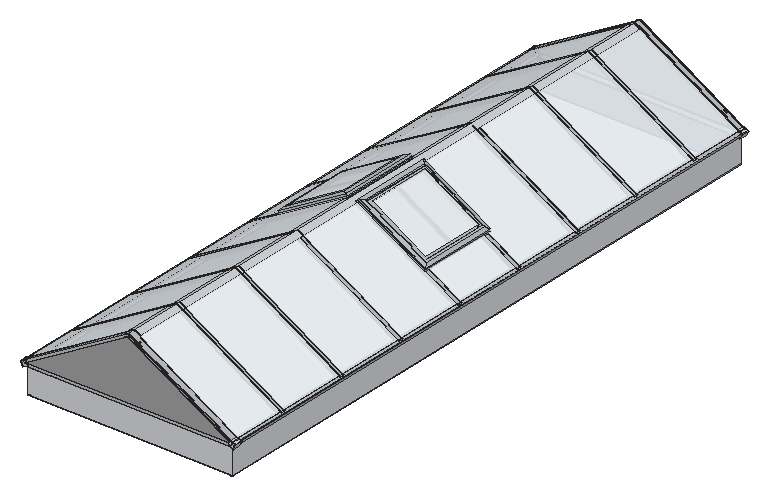
Revit family "Ленточный двухскатный зенитный фонарь M8CITY_Д_ВЕНТ-1_ств_2017", category Оборудование, Revit 2017
Family settings
  Основа = Крыша
  Размер круглого соединителя = Использовать диаметр
  Тип детали = Нормальный
  Всегда вертикально = Нет
  При загрузке вырезать с полостями = Нет
  Общий = Нет
  Точка расчета площади = Нет
Parameters (values of type "Зенитный фонарь M8CITY Л-Д-ВЕНТ-1 створка")
  Электронный адрес Отдела продаж [instance] = "info@m8city.by"  # constant formula
  Ширина проёма ввод = 2800 mm
  Ширина проёма = ADSK_Размер_Ширина  # 2800 mm
  Ширина = ADSK_Размер_Ширина  # 2800 mm
  Шаг типовой = 1060 mm  # constant formula
  Угол наклона к горизонту ном = if(Угол наклона к горизонту < 30.00°, 30.00°, if(Угол наклона к горизонту > 45.00°, 45.00°, Угол наклона к горизонту))  # 30.00°
  Угол наклона к горизонту = 30.00°
  Типовой растр = if((Длина - 971 mm) / 2 < 1260 mm, (Длина - 971 mm) / 2, 1060 mm)  # 1060 mm
  Телефон [instance] = "+375 17 388 44 42, +7 495 946 99 02"  # constant formula
  Description = ""
  Manufacturer = ""
  Заполнение = 1
  Длина створки ном = if(Длина створки < 1000 mm, 1000 mm, if(Длина створки > 1600 mm, 1600 mm, Длина створки))  # 1000 mm
  Длина створки = 1000 mm
  Длина проёма ввод = 9000 mm
  Длина проёма = ADSK_Размер_Длина  # 9000 mm
  Длина = ADSK_Размер_Длина  # 9000 mm
  Высота основания = 400 mm
  Высота = ADSK_Размер_Высота + 73 mm  # 473 mm
  Видимость створки двойной = and(Вид створки < 3, or(Вид створки = 2))  # yes
  Вид створки = 2
  Бренд [instance] = ""
  URL = "www.m8city.by"
  Table 2 = "Маркировка"  # constant formula
  Table 1 = "Описание"  # constant formula
  N ферм = roundup(if((Длина - 971 mm) / 2 mm / 1060 < 2, 2, (Длина - 971 mm) / 2 mm / 1060))  # 4
  ADSK_Размер_Ширина = if(Ширина проёма ввод < 1200 mm, 1200 mm, if(Ширина проёма ввод > 3500 mm, 3500 mm, Ширина проёма ввод))  # 2800 mm
  ADSK_Размер_Длина = if(Длина проёма ввод < 1500 mm, 1500 mm, Длина проёма ввод)  # 9000 mm
  ADSK_Размер_Высота = if(Высота основания < 300 mm, 300 mm, if(Высота основания > 800 mm, 800 mm, Высота основания))  # 400 mm
  ADSK_Обозначение = "M8CITY"  # constant formula
  ADSK_Наименование [instance] = size_lookup(Table 1, "", "Не определено", ADSK_Размер_Ширина, ADSK_Размер_Длина, ADSK_Размер_Высота, Заполнение, Длина створки ном, Вид створки)  # "Зенитный фонарь M8CITY двухскатный 2.8 х 9.0 м основание 400 мм заполнение стеклопакет однокамерный 1.30 мм со створками вентиляции 1.0х1.0 м 2 шт."
  ADSK_Марка [instance] = size_lookup(Table 2, "", "Не определено", ADSK_Размер_Ширина, ADSK_Размер_Длина, ADSK_Размер_Высота, Заполнение, Длина створки ном, Вид створки)  # "M8CITY-ФЗА-Л.Д-АСт-2.8-9.0-0.4-2С.УД.Э-1.0-1.0-СП.1.30-ТУ BY 191302027.002-2013"
  ADSK_Количество = 1
  ADSK_Код изделия = "ТУ BY 191302027.002-2013"  # constant formula
  ADSK_Завод-изготовитель = "ООО ''Завод М8 Сити''"  # constant formula
Reference planes
  plane 1 "По центру (Вперед/Назад)": y = 0
  plane 2 "Крыша": z = 4000
  plane 3 "По центру (Влево/Вправо)": x = 0
  plane 4: x = -1400
  plane 5: x = 1400
  plane 6: y = 4500
  plane 7: y = -4500
  plane 8: z = 4152.4
  plane 9: z = 4552.4
  plane 10: z = 4625.4
  plane 11: z = 4959.4
  plane 12: x = -1255
  plane 13: y = -2611.5
  plane 14: x = 1255
  plane 15: x = 1315
  plane 16: y = 4544.5
  plane 17: y = 4586.5
  plane 18: y = 1590
  plane 19: y = -530
  plane 20: y = -1590
  plane 21: y = 4608.8
  plane 22: y = -4544.5
  plane 23: y = -4610
  plane 24: y = 530
Forms (mm)
  Sweep 1, solid, material "Сталь", detail levels medium+fine
    path origin (0, 0, 4000) x (1, 0, 0) y (0, 1, 0)
      loop
        line (-1400, 4500) -> (-1400, -4500) -> (1400, -4500) -> (1400, 4500) -> (-1400, 4500)
    profile origin (0, 4500, 4000) x (0, 1, 0) y (0, 0, 1)
      loop
        line (0, 152.4) -> (80, 152.4) -> (80, 153.9) -> (1.5, 153.9) -> (1.5, 550.9) -> (63.5, 550.9) -> (63.5, 532.4) -> (65, 532.4) -> (65, 552.4) -> (0, 552.4) -> (0, 152.4)
  Sweep 2, solid
    path origin (0, 0, 4000) x (1, 0, 0) y (0, 1, 0)
      loop
        line (-1400, 4500) -> (-1400, -4500) -> (1400, -4500) -> (1400, 4500) -> (-1400, 4500)
    profile origin (0, 4500, 4000) x (0, 1, 0) y (0, 0, 1)
      loop
        line (80, 552.4) -> (0, 552.4) -> (0, 152.4) -> (80, 152.4) -> (80, 552.4)
Lines and regions (mm)
  Opening 1
    outline origin (0, 0, 4152.4) x (0, 1, 0) y (-1, 0, 0)
      loop
        line (4500, 1400) -> (-4500, 1400) -> (-4500, -1400) -> (4500, -1400) -> (4500, 1400)
Dimensions and locks
  equal spacing: host sketch curve, plane 3 "По центру (Влево/Вправо)", host sketch curve
  equal spacing: host sketch curve, plane 1 "По центру (Вперед/Назад)", host sketch curve
  equal spacing: plane 4, plane 3 "По центру (Влево/Вправо)", plane 5
  equal spacing: plane 6, plane 1 "По центру (Вперед/Назад)", plane 7
  "Ширина проёма": plane 4 to plane 5
  "Длина проёма": plane 6 to plane 7
  "Высота основания": plane 9 to plane 8
  "Высота": plane 10 to host roof
  plane 10 to plane 9 = 73 mm
  locked: plane 16 to plane 6 at 44.5
  locked: plane 17 to plane 6 at 86.5
  locked: plane 21 to plane 17 at 22.3
  plane 7 to plane 22 = 44.5 mm
  locked: plane 7 to plane 23 at 110
  locked: nested 2 to nested 10 at 1.7
  locked: nested 12 to plane 21 at 0.5
  equal spacing: plane 24, plane 1 "По центру (Вперед/Назад)", plane 19
  "Шаг типовой": plane 24 to plane 19
  equal spacing: group 1, group 2, group 3, group 7  (x3)
  "Типовой растр": plane 18 to plane 24
  equal spacing: group 4, group 5, group 6, group 8  (x2)
  equal spacing: group 8, group 6, group 5, group 4
  "Типовой растр": plane 19 to plane 20
  aligned and locked: level to plane 2 "Крыша"
  aligned and locked: host roof to plane 8
  aligned and locked: Opening 1 sketch curve to plane 6
  aligned and locked: Opening 1 sketch curve to plane 5
  aligned and locked: Opening 1 sketch curve to plane 7
  aligned and locked: Opening 1 sketch curve to plane 4
  aligned and locked: Sweep 1 sketch curve to plane 6
  aligned and locked: Sweep 1 sketch curve to plane 5
  aligned and locked: Sweep 1 sketch curve to plane 7
  aligned and locked: Sweep 1 sketch curve to plane 4
  aligned and locked: Sweep 1 to plane 8
  aligned and locked: Sweep 1 to plane 9
  aligned and locked: plane 3 "По центру (Влево/Вправо)" to nested 1
  aligned and locked: plane 6 to nested 1
  aligned and locked: plane 3 "По центру (Влево/Вправо)" to nested 2
  aligned and locked: plane 7 to nested 2
  aligned and locked: plane 5 to nested 3
  aligned and locked: nested 3 to plane 9
  aligned and locked: nested 4 to plane 1 "По центру (Вперед/Назад)"
  aligned and locked: nested 4 to plane 3 "По центру (Влево/Вправо)"
  aligned and locked: plane 9 to nested 4
  aligned and locked: plane 17 to nested 3
  aligned and locked: plane 3 "По центру (Влево/Вправо)" to nested 5
  aligned and locked: plane 3 "По центру (Влево/Вправо)" to nested 7
  aligned and locked: nested 7 to plane 16
  aligned and locked: nested 8 to plane 9
  aligned and locked: plane 9 to nested 7
  aligned and locked: nested 9 to plane 3 "По центру (Влево/Вправо)"
  aligned and locked: plane 1 "По центру (Вперед/Назад)" to nested 9
  aligned and locked: plane 9 to nested 9
  aligned and locked: plane 3 "По центру (Влево/Вправо)" to nested 10
  aligned and locked: plane 3 "По центру (Влево/Вправо)" to nested 8
  aligned and locked: nested 8 to plane 22
  aligned and locked: Sweep 2 sketch curve to plane 6
  aligned and locked: Sweep 2 sketch curve to plane 4
  aligned and locked: Sweep 2 sketch curve to plane 5
  aligned and locked: Sweep 2 sketch curve to plane 7
  aligned and locked: Sweep 2 sketch curve to plane 9
  aligned and locked: nested 11 to plane 3 "По центру (Влево/Вправо)"
  aligned and locked: plane 1 "По центру (Вперед/Назад)" to nested 11
  aligned and locked: plane 9 to nested 11
  aligned and locked: nested 10 to plane 9
  aligned and locked: plane 9 to nested 12
  aligned and locked: plane 9 to nested 2
  aligned and locked: nested 1 to plane 9
  aligned and locked: nested 13 to plane 3 "По центру (Влево/Вправо)"
  aligned and locked: plane 1 "По центру (Вперед/Назад)" to nested 13
  aligned and locked: plane 9 to nested 13
  aligned and locked: plane 9 to nested 5
  aligned and locked: nested 5 to plane 24
  aligned and locked: nested 6 to plane 19
  aligned and locked: nested 15 to plane 18
  aligned and locked: nested 17 to plane 20
  aligned and locked: plane 3 "По центру (Влево/Вправо)" to nested 14
  aligned and locked: plane 9 to nested 14
  aligned and locked: plane 9 to nested 18
  aligned and locked: plane 9 to nested 6
  aligned and locked: plane 9 to nested 16
  aligned and locked: plane 1 "По центру (Вперед/Назад)" to nested 14
  aligned and locked: nested 19 to plane 1 "По центру (Вперед/Назад)"
  aligned and locked: nested 19 to plane 3 "По центру (Влево/Вправо)"
  aligned and locked: plane 9 to nested 19
Automatic sketch dimensions
  Sweep 1 sketch curve to profile plane = 0 mm
  Sweep 1 sketch curve to profile plane = 1.5 mm
  Sweep 1 sketch curve to profile plane = 63.5 mm
  Sweep 1 sketch curve to Sweep 1 sketch curve = 1.5 mm  (x3)
  Sweep 1 sketch curve to Sweep 1 sketch curve = 78.5 mm
  level to Sweep 1 sketch curve = 152.4 mm
  Sweep 1 sketch curve to Sweep 1 sketch curve = 378.5 mm
  Sweep 1 sketch curve to Sweep 1 sketch curve = 18.5 mm
  Sweep 2 sketch curve to profile plane = 0 mm
  Sweep 2 sketch curve to profile plane = 80 mm
  level to Sweep 2 sketch curve = 152.4 mm
Nested families
  nested 1: "УПТ" at (0, 3466.539, 4557.3), type "УПТ", detail levels medium+fine
    with Ширина проёма 2800 mm
  nested 2: "УПТ" at (0, -3466.539, 4557.3), type "УПТ", detail levels medium+fine
    with Ширина проёма 2800 mm
  nested 3: "УПП" at (0, 0, 4633.976), type "УПП", detail levels medium+fine
    with Ширина проёма 2800 mm, Длина проема 9000 mm
  nested 4: "УПП" at (0, 0, 4633.976) x (-1, 0, 0) z (0, 0, 1), type "УПП", detail levels medium+fine
    with Ширина проёма 2800 mm, Длина проема 9000 mm
  nested 5: "Рядовой ПН и УПП" at (0, 530, 4637.4), type "Рядовой ПН и УПП", detail levels medium+fine
    with Ширина проёма 2800 mm
  nested 6: "Рядовой ПН и УПП" at (0, -530, 4637.4), type "Рядовой ПН и УПП", detail levels medium+fine
    with Ширина проёма 2800 mm
  nested 7: "Торцевой ПН и УТП" at (0, 4544.5, 4652.4), type "Торцевой ПН и УТП", detail levels medium+fine
    with Ширина проёма 2800 mm
  nested 8: "Торцевой ПН и УТП" at (0, -4544.5, 4652.4), type "Торцевой ПН и УТП", detail levels medium+fine
    with Ширина проёма 2800 mm
  nested 9: "ПК рядовой" at (0, 0, 4652.4), type "ПК рядовой", detail levels medium+fine
    with Ширина проёма 2800 mm, Длина проёма 9000 mm
  nested 10: "ПК торцевой" at (0, -4599.7, 4627.4), type "ПК торцевой", detail levels medium+fine
  nested 11: "ПК низкая детализация" at (0, 0, 4652.4), type "ПК низкая детализация", detail levels coarse
    with Ширина проёма 2800 mm, Длина проёма 9000 mm
  nested 12: "ПК торцевой" at (0, 4598.3, 4627.4), type "ПК торцевой", detail levels medium+fine
  nested 13: "Конёк" at (0, 0, 4652.4), type "Конёк", detail levels medium+fine
    with Ширина проёма 2800 mm, Длина проёма 9000 mm
  nested 14: "Створка Д" at (60, 0, 4637.4), type "Створка Д"
  nested 15: "Рядовой ПН и УПП" at (0, 1590, 4637.4), type "Рядовой ПН и УПП", detail levels medium+fine
    with Ширина проёма 2800 mm
  nested 16: "Рядовой ПН и УПП" at (0, 2650, 4637.4), type "Рядовой ПН и УПП", detail levels medium+fine
    with Ширина проёма 2800 mm
  nested 17: "Рядовой ПН и УПП" at (0, -1590, 4637.4), type "Рядовой ПН и УПП", detail levels medium+fine
    with Ширина проёма 2800 mm
  nested 18: "Рядовой ПН и УПП" at (0, -2650, 4637.4), type "Рядовой ПН и УПП", detail levels medium+fine
    with Ширина проёма 2800 mm
  nested 19: "Створка Д-2" at (-50, 0, 4637.4) x (-1, 0, 0) z (0, 0, 1), visible <- "Видимость створки двойной", type "Створка Д-2"
  nested 20: "Рядовой ПН и УПП" at (0, 3710, 4637.4), type "Рядовой ПН и УПП", detail levels medium+fine
    with Ширина проёма 2800 mm
  nested 21: "Рядовой ПН и УПП" at (0, -3710, 4637.4), type "Рядовой ПН и УПП", detail levels medium+fine
    with Ширина проёма 2800 mm
Definition of nested family "УПТ"
  Parameters (values of type "УПТ")
    Ширина проёма = 3500 mm
    Длина = 2066.922 mm
  Reference planes
    plane 1 "По центру (Вперед/Назад)": y = 0
    plane 2: z = 0
    plane 3 "По центру (Влево/Вправо)": x = 0
    plane 4: y = 1033.461
    plane 5: x = 1750
    plane 6: y = -1033.461
    plane 7: x = -1750
    plane 8: x = -1870
    plane 9: x = 1870
  Forms (mm)
    Sweep 1, solid, detail levels medium+fine
      path origin (0, 0, 0) x (1, 0, 0) y (0, 1, 0)
        loop
          line (-1870, 1033.461) -> (1870, 1033.461)
      profile origin (0, 1033.461, 0) x (0, 1, 0) y (0, 0, 1)
        loop
          line (0, 0) -> (0, -4.9) -> (86.5, -4.9) -> (86.5, -9.7) -> (111.5, -9.7) -> (111.5, 21.5) -> (110, 21.5) -> (110, -8.2) -> (88, -8.2) -> (88, 1.2) -> (0, 1.2) -> (0, 0)
    Extrusion 2, void
      sketch origin (0, 0, 0) x (1, 0, 0) y (0, 1, 0)
        loop
          line (-1870, 1121.461) -> (-1870, 1033.461) -> (-1750, 1033.461) -> (-1750, 1121.461) -> (-1870, 1121.461)
      from -4.9 to 1.601
    Extrusion 3, void
      sketch origin (0, 0, 0) x (-1, 0, 0) y (0, -1, 0)
        loop
          line (-1870, -1121.461) -> (-1750, -1121.461) -> (-1750, -1033.461) -> (-1870, -1033.461) -> (-1870, -1121.461)
      from -4.9 to 1.601
  Cuts and joins
    Extrusion 2, Extrusion 3 cuts Sweep 1
  Dimensions and locks
    equal spacing: plane 7, plane 3 "По центру (Влево/Вправо)", plane 5
    "Ширина проёма": plane 7 to plane 5
    equal spacing: plane 4, plane 1 "По центру (Вперед/Назад)", plane 6
    "Длина": plane 4 to plane 6
    locked: plane 8 to plane 7 at 120
    locked: plane 5 to plane 9 at 120
    aligned and locked: level to plane 2
    aligned and locked: Sweep 1 sketch curve to plane 4
    aligned and locked: Extrusion 2 sketch curve to Sweep 1  (x3)
    aligned and locked: Extrusion 2 sketch curve to plane 7
    aligned and locked: Extrusion 2 to Sweep 1
    aligned and locked: cut or joined group of Sweep 1, Extrusion 2, Extrusion 3 to plane 5
    aligned and locked: plane 9 to cut or joined group of Sweep 1, Extrusion 2, Extrusion 3
    aligned and locked: cut or joined group of Sweep 1, Extrusion 2, Extrusion 3 to plane 4
    aligned and locked: cut or joined group of Sweep 1, Extrusion 2, Extrusion 3 to cut or joined group of Sweep 1, Extrusion 2, Extrusion 3
  Automatic sketch dimensions
    Sweep 1 sketch curve to plane 8 = 0 mm
    Sweep 1 sketch curve to plane 9 = 0 mm
    Sweep 1 sketch curve to level = 0 mm
    Sweep 1 sketch curve to profile plane = 0 mm
    Sweep 1 sketch curve to level = 9.7 mm
    Sweep 1 sketch curve to profile plane = 86.5 mm
    level to Sweep 1 sketch curve = 1.2 mm
    Sweep 1 sketch curve to Sweep 1 sketch curve = 1.5 mm  (x2)
    Sweep 1 sketch curve to level = 8.2 mm
    Sweep 1 sketch curve to Sweep 1 sketch curve = 22 mm
    Sweep 1 sketch curve to Sweep 1 sketch curve = 3.3 mm
    level to Sweep 1 sketch curve = 21.5 mm
    Extrusion 3 sketch curve to plane 4 = 0 mm
    plane 9 to Extrusion 3 sketch curve = 0 mm
    Extrusion 3 sketch curve to plane 5 = 0 mm
    Extrusion 3 sketch curve to Extrusion 3 sketch curve = 88 mm
Definition of nested family "УПП"
  Parameters (values of type "УПП")
    Ширина проёма = 2066.922 mm
    Default Elevation = 1219.2 mm
    Длина проема = 1895.571 mm
  Reference planes
    plane 1 "По центру (Вперед/Назад)": y = 0
    plane 2: z = -81.576
    plane 3 "По центру (Влево/Вправо)": x = 0
    plane 4: y = 947.785
    plane 5: y = -947.785
    plane 6: x = -1033.461
    plane 7: x = 1033.461
    plane 8: y = 1034.285
    plane 9: y = -1034.285
    plane 10: x = 1053.461
  Forms (mm)
    Sweep 1, solid, detail levels medium+fine
      path origin (-20, 0, -81.576) x (1, 0, 0) y (0, 1, 0)
        loop
          line (1053.461, 1034.285) -> (1053.461, -1034.285)
      profile origin (1033.461, 0, -81.576) x (1, 0, 0) y (0, 0, 1)
        loop
          line (0, 0) -> (76.429, 0)
          arc (76.429, 0) -> (78.138, -3.453) -> (81.745, -2.099) r 2.873
          line (81.745, -2.099) -> (116.557, -6.373) -> (142.309, 36.485) -> (103.736, 59.662) -> (102.964, 58.376) -> (140.251, 35.972) -> (127.375, 14.543) -> (90.088, 36.947) -> (89.315, 35.661) -> (126.602, 13.257) -> (115.763, -4.782) -> (82.151, -0.655)
          arc (82.151, -0.655) -> (80.243, 2.019) -> (77, 1.5) r 3.117
          line (77, 1.5) -> (0, 1.5) -> (0, 0)
  Dimensions and locks
    equal spacing: plane 6, plane 3 "По центру (Влево/Вправо)", plane 7
    "Ширина проёма": plane 6 to plane 7
    equal spacing: plane 4, plane 1 "По центру (Вперед/Назад)", plane 5
    "Длина проема": plane 4 to plane 5
    locked: plane 8 to plane 4 at 86.5
    locked: plane 5 to plane 9 at 86.5
    locked: plane 7 to plane 10 at 20
    aligned and locked: level to plane 2
    aligned and locked: plane 9 to Sweep 1 sketch curve
    aligned and locked: plane 8 to Sweep 1 sketch curve
    aligned and locked: Sweep 1 to plane 7
  Automatic sketch dimensions
    profile plane to Sweep 1 sketch curve = 0 mm
    Sweep 1 sketch curve to level = 0 mm
    level to Sweep 1 sketch curve = 1.5 mm
    Sweep 1 sketch curve to profile plane = 77 mm
    Sweep 1 sketch curve to level = 0.857 mm
    Sweep 1 sketch curve to Sweep 1 sketch curve = 2.04 mm
    Sweep 1 sketch curve to Sweep 1 sketch curve = 0.153 mm
    Sweep 1 sketch curve to level = 2.099 mm
    Sweep 1 sketch curve to Sweep 1 sketch curve = 2.552 mm
    Sweep 1 sketch curve to level = 0.655 mm
    level to Sweep 1 sketch curve = 35.661 mm
    Sweep 1 sketch curve to Sweep 1 sketch curve = 12.315 mm
    level to Sweep 1 sketch curve = 36.947 mm
    Sweep 1 sketch curve to Sweep 1 sketch curve = 0.773 mm  (x2)
    Sweep 1 sketch curve to Sweep 1 sketch curve = 12.876 mm
    level to Sweep 1 sketch curve = 59.662 mm
    Sweep 1 sketch curve to level = 4.782 mm
    Sweep 1 sketch curve to Sweep 1 sketch curve = 33.613 mm
    Sweep 1 sketch curve to level = 6.373 mm
    Sweep 1 sketch curve to Sweep 1 sketch curve = 0.794 mm
    level to Sweep 1 sketch curve = 14.543 mm
    Sweep 1 sketch curve to Sweep 1 sketch curve = 0.076 mm
    Sweep 1 sketch curve to plane 7 = 0 mm
Definition of nested family "Рядовой ПН и УПП"
  Parameters (values of type "Рядовой ПН и УПП")
    Ширина проёма = 1500 mm
    Угол наклона = 30.00°
    Толщина заполения = 26 mm
  Reference planes
    plane 1 "По центру (Вперед/Назад)": y = 0
    plane 2: z = -85
    plane 3 "По центру (Влево/Вправо)": x = 0
    plane 4: x = -750
    plane 5: x = 750
    plane 6: z = -60
    plane 7: x = -845
    plane 8: x = 845
    plane 9: y = 15
    plane 10: y = -15
    plane 11: y = 939.592
    plane 12: y = -1221.134
  Forms (mm)
    Sweep 1, solid, detail levels medium+fine
      path origin (0, 0, 0) x (1, 0, 0) y (0, 0, 1)
        loop
          line (-845, -60) -> (0, 427.861) -> (845, -60)
      profile origin (-422.5, 0, 183.93) x (-0.5, 0, 0.866025) y (0, -1, 0)
        loop
          line (0, 0) -> (0, 37) -> (-6.4, 37) -> (-6.4, 35.5) -> (-1.4, 35.5) -> (-1.4, 28.9) -> (-18.1, 28.9) -> (-18.1, 0) -> (-18.1, -28.9) -> (-1.4, -28.9) -> (-1.4, -35.5) -> (-6.4, -35.5) -> (-6.4, -37) -> (0, -37) -> (0, 0)
    Sweep 2, solid, detail levels medium+fine
      path origin (0, 0, 0) x (1, 0, 0) y (0, 0, 1)
        loop
          line (-858, -37.483) -> (0, 457.883) -> (858, -37.483)
      profile origin (429, 0, 210.2) x (0.5, 0, 0.866025) y (0, -1, 0)
        loop
          line (8.5, 0) -> (8.5, -24) -> (0.3, -24) -> (0.3, -34) -> (7.77, -34)
          arc (7.77, -34) -> (9.347, -33.347) -> (10, -31.77) r 2.23
          line (10, -31.77) -> (10, 32.373)
          arc (10, 32.373) -> (9.349, 33.701) -> (7.9, 34) r 1.68
          line (7.9, 34) -> (-0.3, 34) -> (-0.3, 24) -> (8.5, 24) -> (8.5, 0)
  Lines and regions (mm)
    reference lines
      curve 1: line (845, 0, -60) -> (858, 0, -37.483)
      curve 2: line (-845, 0, -60) -> (-858, 0, -37.483)
      curve 3: line (-845, 0, -60) -> (0, 0, 427.861)
      curve 4: line (0, 0, 427.861) -> (-13, 0, 450.378)
      curve 5: line (-13, 0, 450.378) -> (-858, 0, -37.483)
      curve 6: line (845, 0, -60) -> (0, 0, 427.861)
      curve 7: line (0, 0, 427.861) -> (13, 0, 450.378)
      curve 8: line (13, 0, 450.378) -> (858, 0, -37.483)
  Dimensions and locks
    equal spacing: plane 4, plane 3 "По центру (Влево/Вправо)", plane 5
    "Ширина проёма": plane 4 to plane 5
    locked: plane 4 to plane 7 at 95
    locked: plane 8 to plane 5 at 95
    plane 6 to plane 2 = 25 mm
    "Толщина заполения": curve 5 to curve 3
    curve 5 to curve 3 = 26 mm
    "Толщина заполения": curve 8 to curve 6
    curve 8 to curve 6 = 26 mm
    locked: curve 5 to curve 2 (angle 90.00°)
    "Угол наклона": angle plane 6 to curve 3
    locked: curve 4 to curve 3 (angle 90.00°)
    angle curve 1 to curve 8 = 90.00°
    "Угол наклона": angle curve 6 to plane 6
    locked: curve 6 to curve 7 (angle 90.00°)
    aligned and locked: plane 6 to curve 2
    aligned and locked: plane 7 to curve 2
    aligned and locked: plane 3 "По центру (Влево/Вправо)" to curve 3
    aligned and locked: plane 8 to curve 1
    aligned and locked: Sweep 2 sketch curve to curve 8
    aligned and locked: Sweep 2 sketch curve to curve 5
    aligned and locked: plane 3 "По центру (Влево/Вправо)" to Sweep 2 sketch curve
    aligned and locked: Sweep 1 sketch curve to curve 3
    aligned and locked: curve 6 to Sweep 1 sketch curve
    aligned and locked: curve 1 to Sweep 2 sketch curve
    aligned and locked: curve 2 to Sweep 2 sketch curve
  Automatic sketch dimensions
    plane 1 "По центру (Вперед/Назад)" to Sweep 1 sketch curve = 0 mm  (x2)
    Sweep 1 sketch curve to profile plane = 0 mm
    profile plane to Sweep 1 sketch curve = 1.4 mm  (x2)
    Sweep 1 sketch curve to Sweep 1 sketch curve = 5 mm  (x2)
    Sweep 1 sketch curve to Sweep 1 sketch curve = 11.7 mm
    Sweep 1 sketch curve to plane 1 "По центру (Вперед/Назад)" = 28.9 mm
    Sweep 1 sketch curve to Sweep 1 sketch curve = 6.6 mm  (x2)
    Sweep 1 sketch curve to Sweep 1 sketch curve = 1.5 mm  (x2)
    Sweep 1 sketch curve to Sweep 1 sketch curve = 28.9 mm
    profile plane to Sweep 2 sketch curve = 0.3 mm
    Sweep 2 sketch curve to profile plane = 0.3 mm
    Sweep 2 sketch curve to Sweep 2 sketch curve = 7.47 mm
    Sweep 2 sketch curve to Sweep 2 sketch curve = 2.23 mm
    Sweep 2 sketch curve to plane 1 "По центру (Вперед/Назад)" = 24 mm
    Sweep 2 sketch curve to Sweep 2 sketch curve = 7.77 mm
    plane 1 "По центру (Вперед/Назад)" to Sweep 2 sketch curve = 24 mm
    Sweep 2 sketch curve to Sweep 2 sketch curve = 8.373 mm
    Sweep 2 sketch curve to Sweep 2 sketch curve = 1.627 mm
    Sweep 2 sketch curve to Sweep 2 sketch curve = 0.42 mm
    Sweep 2 sketch curve to plane 1 "По центру (Вперед/Назад)" = 0 mm
    Sweep 2 sketch curve to Sweep 2 sketch curve = 0.18 mm
    Sweep 1 sketch curve to plane 6 = 0 mm  (x2)
Definition of nested family "Торцевой ПН и УТП"
  Parameters (values of type "Торцевой ПН и УТП")
    Ширина проёма = 1500 mm
    Угол наклона = 30.00°
    Толщина заполения = 26 mm
  Reference planes
    plane 1 "По центру (Вперед/Назад)": y = 0
    plane 2: z = -100
    plane 3 "По центру (Влево/Вправо)": x = 0
    plane 4: x = -750
    plane 5: x = 750
    plane 6: z = -65
    plane 7: x = -845
    plane 8: x = 845
    plane 9: y = 15
    plane 10: y = -15
  Forms (mm)
    Sweep 1, solid, detail levels medium+fine
      path origin (0, 0, 0) x (1, 0, 0) y (0, 0, 1)
        loop
          line (845, -65) -> (0, 422.861) -> (-845, -65)
      profile origin (422.5, 0, 178.93) x (-0.5, 0, -0.866025) y (0, -1, 0)
        loop
          line (0, 0) -> (0, 37) -> (-6.4, 37) -> (-6.4, 35.5) -> (-1.4, 35.5) -> (-1.4, 28.9) -> (-18.1, 28.9) -> (-18.1, 0) -> (-18.1, -28.9) -> (-1.4, -28.9) -> (-1.4, -35.5) -> (-6.4, -35.5) -> (-6.4, -37) -> (0, -37) -> (0, 0)
    Sweep 2, solid, detail levels medium+fine
      path origin (0, 0, 0) x (1, 0, 0) y (0, 0, 1)
        loop
          line (858, -42.483) -> (0, 452.883) -> (-858, -42.483)
      profile origin (-429, 0, 205.2) x (0.5, 0, -0.866025) y (0, -1, 0)
        loop
          line (6.042, 25.896) -> (6.042, 35.896) -> (-2.157, 35.896)
          arc (-2.157, 35.896) -> (-3.193, 35.467) -> (-3.623, 34.43) r 1.465
          line (-3.623, 34.43) -> (-3.623, -65.182)
          arc (-3.623, -65.182) -> (-2.64, -67.532) -> (-0.278, -68.486) r 3.304
          line (-0.278, -68.486) -> (36.377, -68.486)
          arc (36.377, -68.486) -> (37.877, -66.986) -> (36.377, -65.486) r 1.5
          line (36.377, -65.486) -> (0.023, -65.486)
          arc (0.023, -65.486) -> (-1.386, -64.902) -> (-1.97, -63.492) r 1.993
          line (-1.97, -63.492) -> (-1.97, 25.896) -> (6.042, 25.896)
    Extrusion 3, solid, detail levels medium+fine
      sketch origin (-17.403, 0, -326.369) x (0.984808, 0, -0.173648) y (0.173648, 0, 0.984808)
        loop
          line (-856.673, 153.335) -> (-915.774, 103.743) -> (-865.96, 44.377) -> (-806.859, 93.969) -> (-856.673, 153.335)
      from -70.504 to -68.486
    Extrusion 4, solid, detail levels medium+fine
      sketch origin (2.711, 0, -191.197) x (-0.99485, 0, -0.101358) y (0.101358, 0, -0.99485)
        loop
          line (-844.28, -79.331) -> (-800.877, -23.523) -> (-863.823, 25.432) -> (-906.843, -34.18) -> (-844.28, -79.331)
      from -70.504 to -68.486
    Extrusion 5, solid, detail levels medium+fine
      sketch origin (0, 0, 0) x (1, 0, 0) y (0, 0, 1)
        loop
          line (-834.435, -26.604) -> (-835.385, -24.958) -> (-903.854, -64.488) -> (-864.155, -133.248) -> (-862.501, -132.294) -> (-901.25, -65.179) -> (-834.435, -26.604)
      from -70.504 to 35.5
    Extrusion 6, solid, detail levels medium+fine
      sketch origin (-1.456, 0, -72.783) x (-0.996195, 0, -0.087156) y (0.087156, 0, -0.996195)
        loop
          line (-836.897, 26.962) -> (-900.095, 71.214) -> (-857.897, 131.48) -> (-859.461, 132.575) -> (-902.796, 70.687) -> (-838.033, 25.339) -> (-836.897, 26.962)
      from -70.504 to 35.5
  Lines and regions (mm)
    reference lines
      curve 1: line (845, 0, -65) -> (858, 0, -42.483)
      curve 2: line (-845, 0, -65) -> (-858, 0, -42.483)
      curve 3: line (-845, 0, -65) -> (0, 0, 422.861)
      curve 4: line (0, 0, 422.861) -> (-13, 0, 445.378)
      curve 5: line (-13, 0, 445.378) -> (-858, 0, -42.483)
      curve 6: line (845, 0, -65) -> (0, 0, 422.861)
      curve 7: line (0, 0, 422.861) -> (13, 0, 445.378)
      curve 8: line (13, 0, 445.378) -> (858, 0, -42.483)
  Dimensions and locks
    equal spacing: plane 4, plane 3 "По центру (Влево/Вправо)", plane 5
    "Ширина проёма": plane 4 to plane 5
    locked: plane 4 to plane 7 at 95
    locked: plane 8 to plane 5 at 95
    plane 6 to plane 2 = 35 mm
    "Толщина заполения": curve 5 to curve 3
    curve 5 to curve 3 = 26 mm
    "Толщина заполения": curve 8 to curve 6
    curve 8 to curve 6 = 26 mm
    locked: Extrusion 5 to Sweep 2 at 48.803
    locked: Sweep 2 to Extrusion 6 at 49
    locked: curve 5 to curve 2 (angle 90.00°)
    "Угол наклона": angle plane 6 to curve 3
    locked: curve 4 to curve 3 (angle 90.00°)
    angle curve 1 to curve 8 = 90.00°
    "Угол наклона": angle curve 6 to plane 6
    locked: curve 6 to curve 7 (angle 90.00°)
    locked: Extrusion 3 sketch curve to Extrusion 5 (angle 90.00°)
    locked: Extrusion 5 to Extrusion 3 sketch curve (angle 90.00°)
    locked: Extrusion 6 to Extrusion 6 (angle 90.00°)
    locked: Extrusion 4 sketch curve to Extrusion 4 sketch curve (angle 90.00°)
    aligned and locked: plane 6 to curve 2
    aligned and locked: plane 7 to curve 2
    aligned and locked: plane 3 "По центру (Влево/Вправо)" to curve 3
    aligned and locked: plane 8 to curve 1
    aligned and locked: curve 6 to Sweep 1 sketch curve
    aligned and locked: Sweep 1 sketch curve to curve 3
    aligned and locked: Sweep 2 sketch curve to curve 5
    aligned and locked: Sweep 2 sketch curve to curve 8
    aligned and locked: plane 3 "По центру (Влево/Вправо)" to Sweep 2 sketch curve
    aligned and locked: curve 1 to Sweep 2 sketch curve
    aligned and locked: Sweep 2 sketch curve to Sweep 1
    aligned and locked: Extrusion 5 to Extrusion 3
    aligned and locked: Extrusion 5 to Sweep 1
    aligned and locked: Extrusion 5 sketch curve to Sweep 2
    aligned and locked: Extrusion 3 sketch curve to Extrusion 5  (x2)
    aligned and locked: Sweep 2 to Extrusion 6
    aligned and locked: Extrusion 4 sketch curve to Extrusion 6  (x2)
  Automatic sketch dimensions
    Sweep 1 sketch curve to plane 6 = 0 mm  (x2)
    plane 1 "По центру (Вперед/Назад)" to Sweep 1 sketch curve = 0 mm  (x2)
    Sweep 1 sketch curve to profile plane = 0 mm
    profile plane to Sweep 1 sketch curve = 1.4 mm  (x2)
    Sweep 1 sketch curve to Sweep 1 sketch curve = 5 mm  (x2)
    Sweep 1 sketch curve to Sweep 1 sketch curve = 11.7 mm
    Sweep 1 sketch curve to Sweep 1 sketch curve = 28.9 mm
    Sweep 1 sketch curve to Sweep 1 sketch curve = 6.6 mm  (x2)
    Sweep 1 sketch curve to Sweep 1 sketch curve = 1.5 mm  (x2)
    plane 1 "По центру (Вперед/Назад)" to Sweep 1 sketch curve = 28.9 mm
    profile plane to Sweep 2 sketch curve = 3.623 mm
    Sweep 2 sketch curve to Sweep 2 sketch curve = 1.465 mm
    profile plane to Sweep 2 sketch curve = 1.97 mm
    profile plane to Sweep 2 sketch curve = 0.318 mm
    profile plane to Sweep 2 sketch curve = 0.278 mm
    Sweep 2 sketch curve to profile plane = 0.023 mm
    Sweep 2 sketch curve to profile plane = 6.042 mm
    Sweep 2 sketch curve to profile plane = 36.377 mm
    Sweep 2 sketch curve to plane 1 "По центру (Вперед/Назад)" = 68.486 mm
    Sweep 2 sketch curve to Sweep 2 sketch curve = 1.5 mm
    plane 1 "По центру (Вперед/Назад)" to Sweep 2 sketch curve = 25.896 mm
    Sweep 2 sketch curve to Sweep 2 sketch curve = 8.535 mm
    plane 6 to Extrusion 5 sketch curve = 0.512 mm
    Extrusion 5 sketch curve to plane 6 = 0.179 mm
    Extrusion 5 sketch curve to plane 7 = 19.155 mm
    plane 7 to Extrusion 5 sketch curve = 10.565 mm
    Extrusion 5 sketch curve to Extrusion 5 sketch curve = 0.95 mm
    Extrusion 3 sketch curve to Extrusion 3 sketch curve = 49.814 mm
    Extrusion 3 sketch curve to Extrusion 3 sketch curve = 59.101 mm
    Extrusion 6 sketch curve to plane 6 = 0.484 mm
    Extrusion 6 sketch curve to plane 8 = 59.065 mm
    Extrusion 6 sketch curve to Extrusion 6 sketch curve = 2.701 mm
    Extrusion 6 sketch curve to Extrusion 6 sketch curve = 40.634 mm
    Extrusion 6 sketch curve to Extrusion 6 sketch curve = 1.564 mm
    Extrusion 6 sketch curve to Extrusion 6 sketch curve = 62.062 mm
    Extrusion 6 sketch curve to Extrusion 6 sketch curve = 0.528 mm
    Extrusion 4 sketch curve to Extrusion 4 sketch curve = 43.021 mm
    Extrusion 4 sketch curve to Extrusion 4 sketch curve = 62.564 mm
    Extrusion 4 sketch curve to Extrusion 4 sketch curve = 43.403 mm
Definition of nested family "ПК рядовой"
  Parameters (values of type "ПК рядовой")
    Ширина проёма = 1500 mm
    Угол наклона = 30.00°
    Толщина заполения = 18 mm
    Длина проёма = 3000 mm
  Reference planes
    plane 1 "По центру (Вперед/Назад)": y = 0
    plane 2: z = -100
    plane 3 "По центру (Влево/Вправо)": x = 0
    plane 4: x = -750
    plane 5: x = 750
    plane 6: z = -60
    plane 7: x = -840
    plane 8: x = 840
    plane 9: y = 15
    plane 10: y = -15
    plane 11: y = 1500
    plane 12: y = -1500
    plane 13: y = 1540
    plane 14: y = -1540
  Forms (mm)
    Extrusion 1, solid, detail levels medium+fine
      sketch origin (0, 0, 0) x (1, 0, 0) y (0, 0, 1)
        loop
          line (-840, -60) -> (0, 424.974) -> (840, -60) -> (849, -44.412) -> (0, 445.759) -> (-849, -44.412) -> (-840, -60)
      from -1540 to 1540
  Lines and regions (mm)
    reference lines
      curve 1: line (840, 0, -60) -> (849, 0, -44.412)
      curve 2: line (-840, 0, -60) -> (-849, 0, -44.412)
      curve 3: line (-840, 0, -60) -> (0, 0, 424.974)
      curve 4: line (0, 0, 424.974) -> (-9, 0, 440.563)
      curve 5: line (-9, 0, 440.563) -> (-849, 0, -44.412)
      curve 6: line (840, 0, -60) -> (0, 0, 424.974)
      curve 7: line (0, 0, 424.974) -> (9, 0, 440.563)
      curve 8: line (9, 0, 440.563) -> (849, 0, -44.412)
  Dimensions and locks
    equal spacing: plane 4, plane 3 "По центру (Влево/Вправо)", plane 5
    "Ширина проёма": plane 4 to plane 5
    locked: plane 4 to plane 7 at 90
    locked: plane 8 to plane 5 at 90
    plane 6 to plane 2 = 40 mm
    "Толщина заполения": curve 5 to curve 3
    curve 5 to curve 3 = 18 mm
    "Толщина заполения": curve 8 to curve 6
    curve 8 to curve 6 = 18 mm
    equal spacing: plane 11, plane 1 "По центру (Вперед/Назад)", plane 12
    "Длина проёма": plane 11 to plane 12
    locked: plane 13 to plane 11 at 40
    locked: plane 12 to plane 14 at 40
    locked: curve 5 to curve 2 (angle 90.00°)
    "Угол наклона": angle plane 6 to curve 3
    locked: curve 4 to curve 3 (angle 90.00°)
    angle curve 1 to curve 8 = 90.00°
    "Угол наклона": angle curve 6 to plane 6
    locked: curve 6 to curve 7 (angle 90.00°)
    aligned and locked: plane 6 to curve 2
    aligned and locked: plane 7 to curve 2
    aligned and locked: plane 3 "По центру (Влево/Вправо)" to curve 3
    aligned and locked: plane 8 to curve 1
    aligned and locked: plane 13 to Extrusion 1
    aligned and locked: Extrusion 1 to plane 14
    aligned and locked: Extrusion 1 sketch curve to curve 3
    aligned and locked: Extrusion 1 sketch curve to curve 6
    aligned and locked: Extrusion 1 sketch curve to curve 1
    aligned and locked: Extrusion 1 sketch curve to curve 8
    aligned and locked: plane 3 "По центру (Влево/Вправо)" to Extrusion 1 sketch curve
    aligned and locked: Extrusion 1 sketch curve to curve 5
    aligned and locked: Extrusion 1 sketch curve to curve 2
Definition of nested family "ПК торцевой"
  Parameters (values of type "ПК торцевой")
    Ширина проёма = 2800 mm
    Угол наклона = 30.00°
    Толщина заполения = 20 mm
  Reference planes
    plane 1 "По центру (Вперед/Назад)": y = 0
    plane 2: z = -75
    plane 3 "По центру (Влево/Вправо)": x = 0
    plane 4: x = -1400
    plane 5: x = 1400
    plane 6: z = -50
    plane 7: x = -1490
    plane 8: x = 1490
    plane 9: y = 15
    plane 10: y = -15
    plane 11: y = 10
    plane 12: y = -10
  Forms (mm)
    Extrusion 1, solid, detail levels medium+fine
      sketch origin (0, 0, 0) x (1, 0, 0) y (0, 0, 1)
        loop
          line (-1490, -50) -> (1490, -50) -> (1500, -32.679) -> (0, 833.346) -> (-1500, -32.679) -> (-1490, -50)
      from -10 to 10
  Lines and regions (mm)
    reference lines
      curve 1: line (1490, 0, -50) -> (1500, 0, -32.679)
      curve 2: line (-1490, 0, -50) -> (-1500, 0, -32.679)
      curve 3: line (-1490, 0, -50) -> (0, 0, 810.252)
      curve 4: line (0, 0, 810.252) -> (-10, 0, 827.572)
      curve 5: line (-10, 0, 827.572) -> (-1500, 0, -32.679)
      curve 6: line (1490, 0, -50) -> (0, 0, 810.252)
      curve 7: line (0, 0, 810.252) -> (10, 0, 827.572)
      curve 8: line (10, 0, 827.572) -> (1500, 0, -32.679)
  Dimensions and locks
    equal spacing: plane 4, plane 3 "По центру (Влево/Вправо)", plane 5
    "Ширина проёма": plane 4 to plane 5
    plane 4 to plane 7 = 90 mm
    locked: plane 8 to plane 5 at 90
    plane 6 to plane 2 = 25 mm
    "Толщина заполения": curve 5 to curve 3
    curve 5 to curve 3 = 20 mm
    "Толщина заполения": curve 8 to curve 6
    curve 8 to curve 6 = 20 mm
    equal spacing: plane 11, plane 1 "По центру (Вперед/Назад)", plane 12
    "Толщина заполения": plane 11 to plane 12
    locked: curve 5 to curve 2 (angle 90.00°)
    "Угол наклона": angle plane 6 to curve 3
    locked: curve 4 to curve 3 (angle 90.00°)
    angle curve 1 to curve 8 = 90.00°
    "Угол наклона": angle curve 6 to plane 6
    locked: curve 6 to curve 7 (angle 90.00°)
    aligned and locked: plane 6 to curve 2
    aligned and locked: plane 7 to curve 2
    aligned and locked: plane 3 "По центру (Влево/Вправо)" to curve 3
    aligned and locked: plane 8 to curve 1
    aligned and locked: plane 11 to Extrusion 1
    aligned and locked: Extrusion 1 to plane 12
    aligned and locked: Extrusion 1 sketch curve to plane 6
    aligned and locked: Extrusion 1 sketch curve to curve 2
    aligned and locked: Extrusion 1 sketch curve to curve 5
    aligned and locked: Extrusion 1 sketch curve to curve 8
    aligned and locked: Extrusion 1 sketch curve to curve 1
    aligned and locked: plane 3 "По центру (Влево/Вправо)" to Extrusion 1 sketch curve
Definition of nested family "Конёк"
  Parameters (values of type "Конёк")
    Ширина проёма = 1600 mm
    Угол наклона = 30.00°
    Толщина заполения = 55 mm
    Длина проёма = 3000 mm
  Reference planes
    plane 1 "По центру (Вперед/Назад)": y = 0
    plane 2: z = -100
    plane 3 "По центру (Влево/Вправо)": x = 0
    plane 4: x = -800
    plane 5: x = 800
    plane 6: z = -95
    plane 7: x = -895
    plane 8: x = 895
    plane 9: y = 15
    plane 10: y = -15
    plane 11: y = 1500
    plane 12: y = -1500
  Forms (mm)
    Extrusion 1, solid
      sketch origin (0, 0, 0) x (1, 0, 0) y (0, 0, 1)
        loop
          line (0, 485.237) -> (86.642, 435.214) -> (87.642, 436.946) -> (0, 487.546) -> (-87.603, 436.969) -> (-86.603, 435.237) -> (0, 485.237)
      from -1500 to 1500
  Lines and regions (mm)
    reference lines
      curve 1: line (895, 0, -95) -> (922.5, 0, -47.369)
      curve 2: line (-895, 0, -95) -> (-922.5, 0, -47.369)
      curve 3: line (-895, 0, -95) -> (0, 0, 421.728)
      curve 4: line (0, 0, 421.728) -> (-27.5, 0, 469.36)
      curve 5: line (-27.5, 0, 469.36) -> (-922.5, 0, -47.369)
      curve 6: line (895, 0, -95) -> (0, 0, 421.728)
      curve 7: line (0, 0, 421.728) -> (27.5, 0, 469.36)
      curve 8: line (27.5, 0, 469.36) -> (922.5, 0, -47.369)
  Dimensions and locks
    equal spacing: plane 4, plane 3 "По центру (Влево/Вправо)", plane 5
    "Ширина проёма": plane 4 to plane 5
    locked: plane 4 to plane 7 at 95
    locked: plane 8 to plane 5 at 95
    plane 6 to plane 2 = 5 mm
    "Толщина заполения": curve 5 to curve 3
    curve 5 to curve 3 = 55 mm
    "Толщина заполения": curve 8 to curve 6
    curve 8 to curve 6 = 55 mm
    equal spacing: plane 11, plane 1 "По центру (Вперед/Назад)", plane 12
    "Длина проёма": plane 11 to plane 12
    locked: curve 5 to curve 2 (angle 90.00°)
    "Угол наклона": angle plane 6 to curve 3
    locked: curve 4 to curve 3 (angle 90.00°)
    angle curve 1 to curve 8 = 90.00°
    "Угол наклона": angle curve 6 to plane 6
    locked: curve 6 to curve 7 (angle 90.00°)
    aligned and locked: plane 6 to curve 2
    aligned and locked: plane 7 to curve 2
    aligned and locked: plane 3 "По центру (Влево/Вправо)" to curve 3
    aligned and locked: plane 8 to curve 1
    aligned and locked: Extrusion 1 sketch curve to curve 5
    aligned and locked: Extrusion 1 sketch curve to curve 8
    aligned and locked: plane 11 to Extrusion 1
    aligned and locked: Extrusion 1 to plane 12
  Automatic sketch dimensions
    Extrusion 1 sketch curve to plane 3 "По центру (Влево/Вправо)" = 0 mm
    Extrusion 1 sketch curve to plane 3 "По центру (Влево/Вправо)" = 86.603 mm
    Extrusion 1 sketch curve to Extrusion 1 sketch curve = 1 mm
    Extrusion 1 sketch curve to Extrusion 1 sketch curve = 1.709 mm
Definition of nested family "Створка Д"
  Parameters (values of type "Створка Д")
    Ширина створки = 1048 mm
    Ширина проёма = 2800 mm
    Толщина заполения = 26 mm
    Длина створки = 1000 mm
  Reference planes
    plane 1 "По центру (Вперед/Назад)": y = 0
    plane 2: z = -85
    plane 3 "По центру (Влево/Вправо)": x = 0
    plane 4: x = -1400
    plane 5: x = 1400
    plane 6: z = -80
    plane 7: x = -1495
    plane 8: x = 1495
    plane 9: y = 15
    plane 10: y = -15
    plane 11: y = 524
    plane 12: y = -524
    plane 13: x = 50
    plane 14: x = -60
    plane 15: x = 1024.351
  Lines and regions (mm)
    reference lines
      curve 1: line (1495, 0, -80) -> (1508, 0, -57.483)
      curve 2: line (-1495, 0, -80) -> (-1508, 0, -57.483)
      curve 3: line (-1495, 0, -80) -> (0, 0, 783.139)
      curve 4: line (0, 0, 783.139) -> (-13, 0, 805.655)
      curve 5: line (-13, 0, 805.655) -> (-1508, 0, -57.483)
      curve 6: line (1495, 0, -80) -> (0, 0, 783.139)
      curve 7: line (0, 0, 783.139) -> (51.061, 0, 871.578)
      curve 8: line (13, 0, 805.655) -> (1508, 0, -57.483)
      curve 9: line (0, 0, 783.139) -> (260, 0, 783.139)
  Dimensions and locks
    equal spacing: plane 4, plane 3 "По центру (Влево/Вправо)", plane 5
    "Ширина проёма": plane 4 to plane 5
    locked: plane 4 to plane 7 at 95
    locked: plane 8 to plane 5 at 95
    plane 6 to plane 2 = 5 mm
    "Толщина заполения": curve 5 to curve 3
    curve 5 to curve 3 = 26 mm
    "Толщина заполения": curve 8 to curve 6
    curve 8 to curve 6 = 26 mm
    equal spacing: plane 11, plane 1 "По центру (Вперед/Назад)", plane 12
    "Ширина створки": plane 11 to plane 12
    locked: plane 13 to plane 3 "По центру (Влево/Вправо)" at 50
    locked: curve 5 to curve 2 (angle 90.00°)
    angle plane 6 to curve 3 = 30.00°
    locked: curve 4 to curve 3 (angle 90.00°)
    angle curve 1 to curve 8 = 90.00°
    angle curve 6 to plane 6 = 30.00°
    locked: curve 6 to curve 7 (angle 90.00°)
    aligned and locked: plane 6 to curve 2
    aligned and locked: plane 7 to curve 2
    aligned and locked: plane 3 "По центру (Влево/Вправо)" to curve 3
    aligned and locked: plane 8 to curve 1
    aligned and locked: plane 11 to nested 1
    aligned and locked: plane 12 to nested 1
    aligned and locked: nested 1 to curve 7
    aligned and locked: curve 8 to nested 1
    aligned and locked: nested 2 to curve 9
    aligned and locked: plane 13 to nested 2
  Automatic sketch dimensions
    plane 13 to curve 9 = 210 mm
  Nested families
    nested 1: "Створка точки" at (505.304, 0, 536.641) x (0.866, 0, -0.5) z (0.5, 0, 0.866), type "Створка двускатника"
      with Толщина заполнения 16 mm, Длина 1048 mm
    nested 2: "вентиляция" at (50, 0, 713.139), type "вентиляция"
  Definition of nested family "Створка точки"
    Parameters (values of type "Створка двускатника")
      Width = 800 mm
      Толщина заполнения = 30 mm
      Default Elevation = 1219.2 mm
      Длина = 800 mm
      Analytic Construction = "<Нет>"
    Reference planes
      plane 1 "По центру (Вперед/Назад)": y = 0
      plane 2: z = 0
      plane 3 "По центру (Влево/Вправо)": x = 0
      plane 4: x = -400
      plane 5: x = 400
      plane 6: y = 400
      plane 7: y = -400
      plane 8: y = 0
    Forms (mm)
      Extrusion 1, solid, detail levels medium+fine
        sketch origin (5, 0, 0) x (1, 0, 0) y (0, 0, 1)
          loop
            line (-346.967, 24.821) -> (-346.967, 6.775) -> (337, 6.775) -> (337, 24.875) -> (377, 24.875) -> (377, 26.875) -> (-386.967, 26.875) -> (-386.967, 24.821) -> (-346.967, 24.821)
        from -20 to 20
      Sweep 2, solid, detail levels medium+fine
        path origin (0, 0, 0) x (1, 0, 0) y (0, 1, 0)
          loop
            line (-400, 400) -> (-400, -400) -> (400, -400) -> (400, 400) -> (-400, 400)
        profile origin (0, 400, 0) x (0, 1, 0) y (0, 0, 1)
          loop
            line (5.467, 57.321) -> (-54.533, 57.321) -> (-54.533, 55.321) -> (-14.533, 55.321) -> (-14.533, 18.321) -> (-42.533, 18.321) -> (-42.533, 24.821) -> (-58.033, 24.821) -> (-58.033, 13.821) -> (-15.033, 13.821) -> (-15.033, -13.179) -> (57.967, -13.179) -> (69.181, -5.326) -> (60.856, 12.803) -> (60.856, 40.803) -> (5.467, 57.321)
      Extrusion 3, solid, detail levels medium+fine
        sketch origin (-0.922, 0, 0) x (1, 0, 0) y (0, 0, 1)
          loop
            line (-379.078, 55.321) -> (-379.078, 26.875) -> (379.586, 26.875) -> (379.586, 55.321) -> (-379.078, 55.321)
        from -380 to 380
    Dimensions and locks
      equal spacing: plane 4, plane 3 "По центру (Влево/Вправо)", plane 5
      equal spacing: plane 6, plane 1 "По центру (Вперед/Назад)", plane 7
      "Width": plane 4 to plane 5
      "Длина": plane 6 to plane 7
      locked: Extrusion 1 to Extrusion 1 at 40
      locked: Sweep 2 to plane 4 at 58.033
      locked: plane 5 to Extrusion 1 sketch curve at 58
      locked: plane 6 to Extrusion 3 at 20
      locked: Extrusion 3 to plane 5 at 21.336
      locked: Extrusion 3 to plane 7 at 20
      locked: plane 4 to Extrusion 3 at 20
      aligned and locked: level to plane 2
      aligned and locked: Sweep 2 sketch curve to plane 6
      aligned and locked: Sweep 2 sketch curve to plane 5
      aligned and locked: Sweep 2 sketch curve to plane 7
      aligned and locked: Sweep 2 sketch curve to plane 4
      aligned and locked: Sweep 2 to Extrusion 1 sketch curve
      aligned and locked: Sweep 2 to Extrusion 3 sketch curve
      aligned and locked: Extrusion 1 to Extrusion 3 sketch curve
    Automatic sketch dimensions
      level to Extrusion 1 sketch curve = 6.775 mm
      plane 4 to Extrusion 1 sketch curve = 58.033 mm
      plane 4 to Extrusion 1 sketch curve = 18.033 mm
      Extrusion 1 sketch curve to Extrusion 1 sketch curve = 18.1 mm
      Extrusion 1 sketch curve to Extrusion 1 sketch curve = 2.054 mm
      Extrusion 1 sketch curve to plane 5 = 18 mm
      plane 4 to Extrusion 3 sketch curve = 20 mm
      Extrusion 3 sketch curve to plane 5 = 21.336 mm
      level to Sweep 2 sketch curve = 24.821 mm
      profile plane to Sweep 2 sketch curve = 58.033 mm
      Sweep 2 sketch curve to Sweep 2 sketch curve = 3.5 mm
      Sweep 2 sketch curve to Sweep 2 sketch curve = 15.5 mm
      profile plane to Sweep 2 sketch curve = 15.033 mm
      Sweep 2 sketch curve to Sweep 2 sketch curve = 0.5 mm
      Sweep 2 sketch curve to profile plane = 5.467 mm
      Sweep 2 sketch curve to level = 13.179 mm
      Sweep 2 sketch curve to profile plane = 57.967 mm
      Sweep 2 sketch curve to Sweep 2 sketch curve = 2.889 mm
      level to Sweep 2 sketch curve = 12.803 mm
      Sweep 2 sketch curve to Sweep 2 sketch curve = 11 mm
      Sweep 2 sketch curve to Sweep 2 sketch curve = 4.5 mm
      Sweep 2 sketch curve to Sweep 2 sketch curve = 28 mm
      Sweep 2 sketch curve to Sweep 2 sketch curve = 30.5 mm
      Sweep 2 sketch curve to Sweep 2 sketch curve = 2 mm
      Sweep 2 sketch curve to Sweep 2 sketch curve = 11.215 mm
      Sweep 2 sketch curve to level = 5.326 mm
  Definition of nested family "вентиляция"
    Parameters (values of type "вентиляция")
      Ширина = 1340 mm
      Длина = 1210.736 mm
    Reference planes
      plane 1 "По центру (Вперед/Назад)": y = 0
      plane 2: z = 0
      plane 3 "По центру (Влево/Вправо)": x = 0
      plane 4: z = 70
      plane 5: z = -615
      plane 6: z = -185
      plane 7: z = 55
      plane 8: z = -20
      plane 9: y = 45
      plane 10: y = -45
      plane 11: x = -850
      plane 12: x = -670
      plane 13: y = 605.368
      plane 14: x = 670
      plane 15: y = -605.368
    Forms (mm)
      Extrusion 1, solid
        sketch origin (0, 0, 0) x (1, 0, 0) y (0, 0, 1)
          loop
            line (0, -20) -> (0, -185) -> (90, -185) -> (90, -65) -> (69.016, -20) -> (0, -20)
        from -45 to 45
      Extrusion 2, solid
        sketch origin (0, 0, 0) x (1, 0, 0) y (0, 0, 1)
          loop
            line (0, -185) -> (0, -410) -> (40, -410) -> (40, -185) -> (0, -185)
        from -20 to 20
      Revolve 3, solid
        sketch origin (0, 0, 0) x (1, 0, 0) y (0, 0, 1)
          loop
            line (65, -185) -> (65, -210) -> (68, -210) -> (68, -200) -> (73, -200) -> (73, -185) -> (65, -185)
          axis (65, -185) -> (65, -210)
        angle from 0 to 360
      Revolve 4, solid
        sketch origin (0, 0, 0) x (1, 0, 0) y (0, 0, 1)
          loop
            line (12.727, 55) -> (12.727, -20) -> (25.454, -20) -> (25.454, 55) -> (12.727, 55)
          axis (12.727, -20) -> (12.727, 55)
        angle from 0 to 360
      Revolve 5, solid
        sketch origin (0, 0, 0) x (1, 0, 0) y (0, 0, 1)
          loop
            line (12.727, 55) -> (15.227, 55) -> (15.227, 70) -> (12.727, 70) -> (12.727, 55)
          axis (12.727, 70) -> (12.727, 55)
        angle from 0 to 360
      Extrusion 6, solid
        sketch origin (0, 0, 0) x (1, 0, 0) y (0, 0, 1)
          loop
            circle (12.727, 0) r 6
        from -20 to 20
    Dimensions and locks
      plane 4 to plane 2 = 70 mm
      locked: plane 2 to plane 6 at 185
      locked: plane 6 to plane 5 at 430
      locked: plane 7 to plane 2 at 55
      locked: plane 2 to plane 8 at 20
      locked: Extrusion 1 sketch curve to Extrusion 1 sketch curve at 90
      locked: plane 1 "По центру (Вперед/Назад)" to plane 9 at 45
      locked: plane 10 to plane 1 "По центру (Вперед/Назад)" at 45
      plane 1 "По центру (Вперед/Назад)" to Extrusion 2 = 20 mm
      Extrusion 2 to plane 1 "По центру (Вперед/Назад)" = 20 mm
      equal spacing: plane 12, plane 3 "По центру (Влево/Вправо)", plane 14
      equal spacing: plane 13, plane 1 "По центру (Вперед/Назад)", plane 15
      "Ширина": plane 12 to plane 14
      "Длина": plane 13 to plane 15
      aligned and locked: level to plane 2
      aligned and locked: Extrusion 2 sketch curve to plane 3 "По центру (Влево/Вправо)"
      aligned and locked: plane 9 to Extrusion 1
      aligned and locked: Extrusion 1 to plane 10
    Automatic sketch dimensions
      Extrusion 1 sketch curve to plane 3 "По центру (Влево/Вправо)" = 0 mm
      Extrusion 1 sketch curve to plane 8 = 0 mm
      Extrusion 1 sketch curve to plane 6 = 0 mm
      Extrusion 1 sketch curve to Extrusion 1 sketch curve = 20.984 mm
      Extrusion 1 sketch curve to plane 8 = 45 mm
      Revolve 3 sketch curve to plane 6 = 0 mm  (x2)
      plane 3 "По центру (Влево/Вправо)" to Revolve 3 sketch curve = 65 mm
      Revolve 3 sketch curve to Revolve 3 sketch curve = 3 mm
      Revolve 3 sketch curve to Revolve 3 sketch curve = 8 mm
      Revolve 3 sketch curve to plane 6 = 15 mm
      Revolve 3 sketch curve to Revolve 3 sketch curve = 10 mm
      Revolve 3 sketch curve to Revolve 3 sketch curve = 0 mm  (x2)
      Revolve 4 sketch curve to plane 7 = 0 mm  (x2)
      Revolve 4 sketch curve to plane 8 = 0 mm  (x2)
      plane 3 "По центру (Влево/Вправо)" to Revolve 4 sketch curve = 12.727 mm
      Revolve 4 sketch curve to Revolve 4 sketch curve = 12.727 mm
      Revolve 4 sketch curve to Revolve 4 sketch curve = 0 mm
      Revolve 5 sketch curve to plane 7 = 0 mm  (x2)
      Revolve 5 sketch curve to plane 4 = 0 mm  (x2)
      plane 3 "По центру (Влево/Вправо)" to Revolve 5 sketch curve = 12.727 mm
      Revolve 5 sketch curve to Revolve 5 sketch curve = 2.5 mm
      Revolve 5 sketch curve to Revolve 5 sketch curve = 0 mm
      Extrusion 6 sketch curve to level = 0 mm
      plane 3 "По центру (Влево/Вправо)" to Extrusion 6 sketch curve = 12.727 mm
      Extrusion 2 sketch curve to plane 6 = 0 mm
      plane 3 "По центру (Влево/Вправо)" to Extrusion 2 sketch curve = 40 mm
      plane 5 to Extrusion 2 sketch curve = 205 mm
      radius of Extrusion 6 sketch curve = 6 mm
Definition of nested family "Створка Д-2"
  Parameters (values of type "Створка Д-2")
    Ширина створки = 1048 mm
    Ширина проёма = 2800 mm
    Толщина заполения = 26 mm
    Длина створки = 1000 mm
  Reference planes
    plane 1 "По центру (Вперед/Назад)": y = 0
    plane 2: z = -85
    plane 3 "По центру (Влево/Вправо)": x = 0
    plane 4: x = -1400
    plane 5: x = 1400
    plane 6: z = -80
    plane 7: x = -1495
    plane 8: x = 1495
    plane 9: y = 15
    plane 10: y = -15
    plane 11: y = 524
    plane 12: y = -524
    plane 13: x = 50
    plane 14: x = -50
    plane 15: x = 1024.351
  Lines and regions (mm)
    reference lines
      curve 1: line (1495, 0, -80) -> (1508, 0, -57.483)
      curve 2: line (-1495, 0, -80) -> (-1508, 0, -57.483)
      curve 3: line (-1495, 0, -80) -> (0, 0, 783.139)
      curve 4: line (0, 0, 783.139) -> (-13, 0, 805.655)
      curve 5: line (-13, 0, 805.655) -> (-1508, 0, -57.483)
      curve 6: line (1495, 0, -80) -> (0, 0, 783.139)
      curve 7: line (0, 0, 783.139) -> (51.061, 0, 871.578)
      curve 8: line (13, 0, 805.655) -> (1508, 0, -57.483)
      curve 9: line (0, 0, 783.139) -> (260, 0, 783.139)
  Dimensions and locks
    equal spacing: plane 4, plane 3 "По центру (Влево/Вправо)", plane 5
    "Ширина проёма": plane 4 to plane 5
    locked: plane 4 to plane 7 at 95
    locked: plane 8 to plane 5 at 95
    plane 6 to plane 2 = 5 mm
    "Толщина заполения": curve 5 to curve 3
    curve 5 to curve 3 = 26 mm
    "Толщина заполения": curve 8 to curve 6
    curve 8 to curve 6 = 26 mm
    equal spacing: plane 11, plane 1 "По центру (Вперед/Назад)", plane 12
    "Ширина створки": plane 11 to plane 12
    locked: plane 13 to plane 3 "По центру (Влево/Вправо)" at 50
    locked: plane 3 "По центру (Влево/Вправо)" to plane 14 at 50
    locked: curve 5 to curve 2 (angle 90.00°)
    angle plane 6 to curve 3 = 30.00°
    locked: curve 4 to curve 3 (angle 90.00°)
    angle curve 1 to curve 8 = 90.00°
    angle curve 6 to plane 6 = 30.00°
    locked: curve 6 to curve 7 (angle 90.00°)
    aligned and locked: plane 6 to curve 2
    aligned and locked: plane 7 to curve 2
    aligned and locked: plane 3 "По центру (Влево/Вправо)" to curve 3
    aligned and locked: plane 8 to curve 1
    aligned and locked: plane 11 to nested 1
    aligned and locked: plane 12 to nested 1
    aligned and locked: nested 1 to curve 7
    aligned and locked: curve 8 to nested 1
    aligned and locked: nested 2 to curve 9
    aligned and locked: plane 13 to nested 2
  Automatic sketch dimensions
    plane 13 to curve 9 = 210 mm
  Nested families
    nested 1: "Створка точки" at (505.304, 0, 536.641) x (0.866, 0, -0.5) z (0.5, 0, 0.866), type "Створка двускатника"
      with Толщина заполнения 16 mm, Длина 1048 mm
    nested 2: "вентиляция" at (50, 0, 713.139), type "вентиляция"
  Definition of nested family "Створка точки"
    Parameters (values of type "Створка двускатника")
      Width = 800 mm
      Толщина заполнения = 30 mm
      Default Elevation = 1219.2 mm
      Длина = 800 mm
      Analytic Construction = "<Нет>"
    Reference planes
      plane 1 "По центру (Вперед/Назад)": y = 0
      plane 2: z = 0
      plane 3 "По центру (Влево/Вправо)": x = 0
      plane 4: x = -400
      plane 5: x = 400
      plane 6: y = 400
      plane 7: y = -400
      plane 8: y = 0
    Forms (mm)
      Extrusion 1, solid, detail levels medium+fine
        sketch origin (5, 0, 0) x (1, 0, 0) y (0, 0, 1)
          loop
            line (-346.967, 24.821) -> (-346.967, 6.775) -> (337, 6.775) -> (337, 24.875) -> (377, 24.875) -> (377, 26.875) -> (-386.967, 26.875) -> (-386.967, 24.821) -> (-346.967, 24.821)
        from -20 to 20
      Sweep 2, solid, detail levels medium+fine
        path origin (0, 0, 0) x (1, 0, 0) y (0, 1, 0)
          loop
            line (-400, 400) -> (-400, -400) -> (400, -400) -> (400, 400) -> (-400, 400)
        profile origin (0, 400, 0) x (0, 1, 0) y (0, 0, 1)
          loop
            line (5.467, 57.321) -> (-54.533, 57.321) -> (-54.533, 55.321) -> (-14.533, 55.321) -> (-14.533, 18.321) -> (-42.533, 18.321) -> (-42.533, 24.821) -> (-58.033, 24.821) -> (-58.033, 13.821) -> (-15.033, 13.821) -> (-15.033, -13.179) -> (57.967, -13.179) -> (69.181, -5.326) -> (60.856, 12.803) -> (60.856, 40.803) -> (5.467, 57.321)
      Extrusion 3, solid, detail levels medium+fine
        sketch origin (-0.922, 0, 0) x (1, 0, 0) y (0, 0, 1)
          loop
            line (-379.078, 55.321) -> (-379.078, 26.875) -> (379.586, 26.875) -> (379.586, 55.321) -> (-379.078, 55.321)
        from -380 to 380
    Dimensions and locks
      equal spacing: plane 4, plane 3 "По центру (Влево/Вправо)", plane 5
      equal spacing: plane 6, plane 1 "По центру (Вперед/Назад)", plane 7
      "Width": plane 4 to plane 5
      "Длина": plane 6 to plane 7
      locked: Extrusion 1 to Extrusion 1 at 40
      locked: Sweep 2 to plane 4 at 58.033
      locked: plane 5 to Extrusion 1 sketch curve at 58
      locked: plane 6 to Extrusion 3 at 20
      locked: Extrusion 3 to plane 5 at 21.336
      locked: Extrusion 3 to plane 7 at 20
      locked: plane 4 to Extrusion 3 at 20
      aligned and locked: level to plane 2
      aligned and locked: Sweep 2 sketch curve to plane 6
      aligned and locked: Sweep 2 sketch curve to plane 5
      aligned and locked: Sweep 2 sketch curve to plane 7
      aligned and locked: Sweep 2 sketch curve to plane 4
      aligned and locked: Sweep 2 to Extrusion 1 sketch curve
      aligned and locked: Sweep 2 to Extrusion 3 sketch curve
      aligned and locked: Extrusion 1 to Extrusion 3 sketch curve
    Automatic sketch dimensions
      level to Extrusion 1 sketch curve = 6.775 mm
      plane 4 to Extrusion 1 sketch curve = 58.033 mm
      plane 4 to Extrusion 1 sketch curve = 18.033 mm
      Extrusion 1 sketch curve to Extrusion 1 sketch curve = 18.1 mm
      Extrusion 1 sketch curve to Extrusion 1 sketch curve = 2.054 mm
      Extrusion 1 sketch curve to plane 5 = 18 mm
      plane 4 to Extrusion 3 sketch curve = 20 mm
      Extrusion 3 sketch curve to plane 5 = 21.336 mm
      level to Sweep 2 sketch curve = 24.821 mm
      profile plane to Sweep 2 sketch curve = 58.033 mm
      Sweep 2 sketch curve to Sweep 2 sketch curve = 3.5 mm
      Sweep 2 sketch curve to Sweep 2 sketch curve = 15.5 mm
      profile plane to Sweep 2 sketch curve = 15.033 mm
      Sweep 2 sketch curve to Sweep 2 sketch curve = 0.5 mm
      Sweep 2 sketch curve to profile plane = 5.467 mm
      Sweep 2 sketch curve to level = 13.179 mm
      Sweep 2 sketch curve to profile plane = 57.967 mm
      Sweep 2 sketch curve to Sweep 2 sketch curve = 2.889 mm
      level to Sweep 2 sketch curve = 12.803 mm
      Sweep 2 sketch curve to Sweep 2 sketch curve = 11 mm
      Sweep 2 sketch curve to Sweep 2 sketch curve = 4.5 mm
      Sweep 2 sketch curve to Sweep 2 sketch curve = 28 mm
      Sweep 2 sketch curve to Sweep 2 sketch curve = 30.5 mm
      Sweep 2 sketch curve to Sweep 2 sketch curve = 2 mm
      Sweep 2 sketch curve to Sweep 2 sketch curve = 11.215 mm
      Sweep 2 sketch curve to level = 5.326 mm
  Definition of nested family "вентиляция"
    Parameters (values of type "вентиляция")
      Ширина = 1340 mm
      Длина = 1210.736 mm
